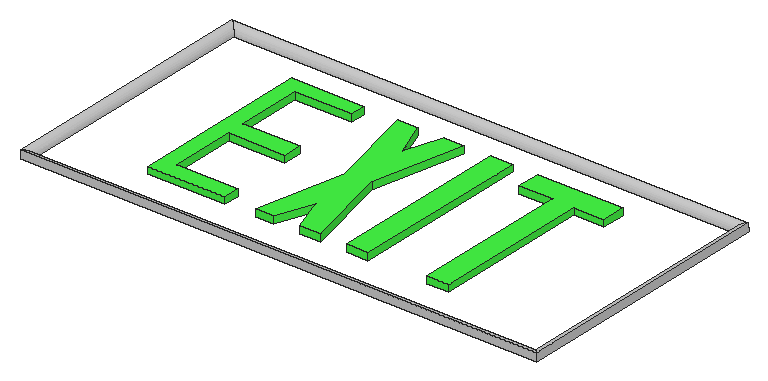
Revit family "DPL_Surface", category Lighting Fixtures, host Face, Revit 2021
Family settings
  Host = Face
  Round Connector Dimension = Use Diameter
  Part Type = Normal
  OmniClass Number = 23.80.70.11.21
  OmniClass Title = Emergency Lighting
  Cut with Voids When Loaded = No
  Light Source = No
  Shared = No
  Room Calculation Point = No
Parameters (values of type "DL_DPL")
  Watts = 3.72 W
  Wattage Comments = "3.72 W"
  Warranty = "5 Year Full"  # constant formula
  Wall Plate Material = Steel
  Voltage [instance] = if(Is 120VAC, 120 V, 277 V)  # 120 V
  URL = "https://www.currentlighting.com/dual-lite"
  Type Comments = "Exit Light"  # constant formula
  EXIT - Single Face = yes
  Product Page URL = ""
  Product Documentation Link = ""
  Model = "DPL"
  Manufacturer = "DUAL-LITE"  # constant formula
  Load Classification = Lighting
  Lens = Green Glass
  Lamp = "LED Lamp"  # constant formula
  Is 277VAC [instance] = not(Is 120VAC)  # no
  Is 120VAC [instance] = yes
  Holder Material = Steel
  Glass = Yellow-Glass
  Finish = Paint - Light Silver
  Features = "Available in Aluminum Frame, ABS Thermoplastic, Poly-Metal or Acrylic Construction\r\nMaintenance Free Exit Compliance\r\nNo Electricity Required\r\nQuick Installation\r\nMade in USA\r\nWall, Ceiling or End Mount\r\nUL924 Listed"  # constant formula
  End = C : C1
  Description = "The DPL Series of photoluminescent exit signage offers exit compliance with UL listed legible viewing distances of 50', 75' and 100'. The DPL photoluminescent exit signs do not require AC or electrical power. ALl signs have a 25 year lifecycle."  # constant formula
  Default Elevation = 48.000"
  Certification = "UL 924 Listed\r\nNFPA 101 Life Safety Code\r\nCEC T20 Compliant"  # constant formula
  Application Note = " Install photoluminescent exit signs only in locations\r\nwhere an external illumination source is present, is deemed reliable, and\r\nis supplied by a circuit not controlled by automatic timers or sensors, and\r\nwhere controls are accessible only to authorized personnel. A minimum\r\nof 5 foot-candle(54lux) external illumination of unfiltered metal halide,\r\nfluorescent, mercury vapor or LED charging light sources required on\r\nsign face at all times of building occupancy."  # constant formula
  Apparent Load = Watts  # 3.72 VA
Reference planes (in)
  plane 1 "Center (Front/Back)": y = 0
  plane 2: z = 0
  plane 3 "Center (Left/Right)": x = 0
  plane 4: x = -6.25
  plane 5: x = 6.25
  plane 6: x = -2.75
  plane 7: x = 2.75
  plane 8: z = 9.3
  plane 9: y = -1.25
  plane 10: y = 1.25
  plane 11: y = -2.2
  plane 12: y = 2.2
Dimensions and locks (in)
  plane 4 to plane 3 "Center (Left/Right)" = 6.250"
  equal spacing: plane 4, plane 3 "Center (Left/Right)", plane 5
  equal spacing: plane 6, plane 3 "Center (Left/Right)", plane 7
  plane 6 to plane 3 "Center (Left/Right)" = 2.750"
  plane 7 to plane 6 = 5.500"
  plane 5 to plane 4 = 12.500"
  aligned and locked: plane 2 to host face
  aligned and locked: level to host face
Automatic sketch dimensions
  host sketch curve to host sketch curve = 96.000"  (x2)
Nested families (in)
  nested 1: "C" at (-0.14499, 0, -0.73324), type <- "End", type "C1"
Connectors (in)
  electrical at (-0.14499, -0.05926, 0.76258)
    settings: on nested 1, index 1, voltage 120 V, apparent load 3 VA, apparent load phase1 0 VA, apparent load phase2 0 VA, apparent load phase3 0 VA, power factor 1, load classification "Other", number of poles 1, system type 30, power factor state 1, is connector primary yes, connector utility no, sub classification motor no, connector description ""
Definition of nested family "C"
  Parameters
    EXIT-Single Face = yes
    Lens = none
    Glass = none
    Finish = none
    Default Elevation = 0.000"
  Reference planes (in)
    plane 1 "Center (Front/Back)": y = 0
    plane 2: z = 0
    plane 3 "Center (Left/Right)": x = 0
    plane 4: z = 12.375
    plane 5: x = 8
    plane 6: x = -8
    plane 7: y = -4.5
    plane 8: y = 3.634
  Forms (in)
    Extrusion 1, solid, material <- "Lens", visible <- "EXIT-Single Face"
      sketch origin (0, -4.20926, 0.90207) x (0, 1, 0) y (1, 0, 0)
        loop
          line (6.45678, -2.80916) -> (5.97564, -2.80916) -> (5.97564, -4.5716) -> (3.97225, -4.5716) -> (3.97225, -2.80916) -> (3.36683, -2.80916) -> (3.39094, -4.55274) -> (1.3823, -4.55274) -> (1.3823, -2.67774) -> (0.8823, -2.67774) -> (0.8823, -5.05274) -> (6.45678, -5.05274) -> (6.45678, -2.80916)
        loop
          line (6.45573, -1.76843) -> (6.45573, -1.13786) -> (5.35075, -0.73568) -> (6.45573, -0.3335) -> (6.45573, 0.29707) -> (3.66954, -0.34617) -> (0.88335, 0.29707) -> (0.88335, -0.3335) -> (1.98833, -0.73568) -> (0.88335, -1.13786) -> (0.88335, -1.71828) -> (3.56092, -1.10011) -> (6.45573, -1.76843)
        loop
          line (6.47228, 1.77569) -> (0.88335, 1.77569) -> (0.88335, 1.10607) -> (6.47228, 1.10607) -> (6.47228, 1.77569)
        loop
          line (6.47228, 5.20484) -> (5.74075, 5.20484) -> (5.74075, 4.27003) -> (0.88335, 4.27003) -> (0.88335, 3.60041) -> (5.74075, 3.60041) -> (5.74075, 2.56807) -> (6.47228, 2.56807) -> (6.47228, 5.20484)
      from 0.625 to 0.84093
    Extrusion 2, solid, material <- "Glass", not visible
      sketch origin (0, -4.83426, 0.87082) x (0, 1, 0) y (1, 0, 0)
        loop
          line (8.33178, -8) -> (8.33178, 8) -> (0.25, 8) -> (0.25, -8) -> (8.33178, -8)
      from 0.625 to 0.84093
    Sweep 3, solid, material <- "Finish"
      path origin (0, 0, 0) x (1, 0, 0) y (0, 1, 0)
        loop
          line (-8, 3.62253) -> (-8, -4.58426) -> (8, -4.58426) -> (8, 3.62253) -> (-8, 3.62253)
      profile origin (0, 3.62253, 0) x (0, 1, 0) y (0, 0, 1)
        loop
          line (0, 0) -> (0, 0.25)
          arc (0, 0.25) -> (-0.17678, 0.17678) -> (-0.25, 0) r 0.25
          line (-0.25, 0) -> (0, 0)
  Dimensions and locks (in)
    plane 4 to plane 2 = 12.375"
    aligned and locked: plane 2 to level
